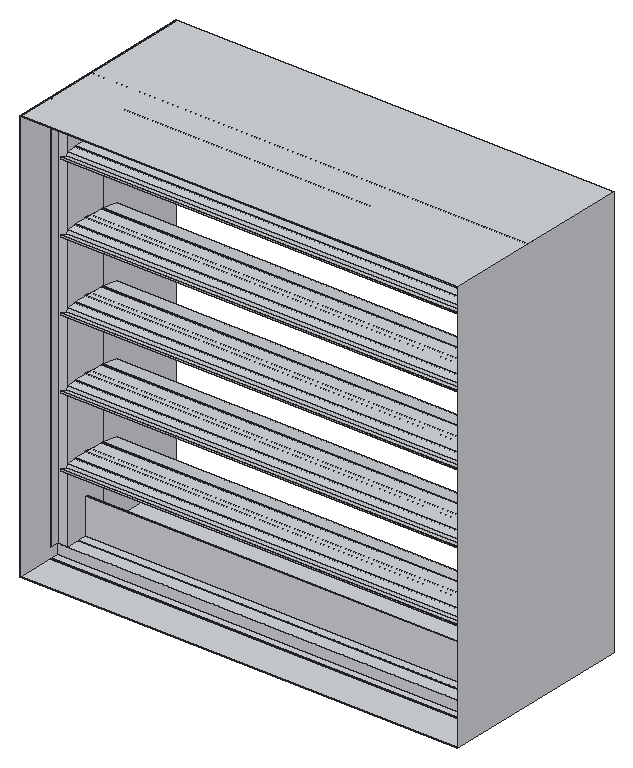
Revit family "S-AF-I, S-AF-II", category Mechanical Equipment, Revit 2015
Parameters
  URL = "http://unitedenertech.com/catalog/pdf/C-3%20%20S-AF-I.pdf"
  Type Comments = "Max. Single Section Size is (36\"w x 48\"h)"
  Model = "S-AF-I, S-AF-II"
  Manufacturer = "United Enertech Corporation"
  Keynote = "FSLF-120 Actuator Shown In the Air Stream, Consult Factory for Out of the Air Stream Placement in Models. See Website for Correct Actuator for Damper Size."
  Exact Width = 3' - 0"
  Exact Height = 2' - 10"
  Description = "Low Leakage Smoke Damper"
  Depth = 1' - 4"
  Blade Spacing = 0' - 5 3/4"
  Blade Number [instance] = rounddown((Exact Height - 0' 3") / Blade Spacing)  # 5
  BW [instance] = Exact Width - 0' 2 1/2"  # 2' - 9 1/2"
Reference planes (in)
  plane 1 "Center (Front/Back)": y = 0
  plane 2: z = 0
  plane 3 "Center (Left/Right)": x = 0
  plane 4: z = 34
  plane 5: x = -18
  plane 6: x = 18
  plane 7: z = 0.0359
  plane 8: z = 33.9641
  plane 9: x = -17.9641
  plane 10: x = 17.9641
  plane 11: y = 13
  plane 12: y = -3
  plane 13: y = 5
  plane 14: z = 0.9348
  plane 15: z = 33.0293
  plane 16: x = -17.0293
  plane 17: x = 17.0293
  plane 18: y = 4.3098
  plane 19: z = 32.5
  plane 20: z = 30.24218
  plane 21: z = 30.97045
  plane 22: z = 30.35
Forms (in)
  Extrusion 1, solid
    sketch origin (0, 0, 0) x (1, 0, 0) y (0, 0, 1)
      loop
        line (-17.9641, 33.9641) -> (-17.9641, 0.0359) -> (17.9641, 0.0359) -> (17.9641, 33.9641) -> (-17.9641, 33.9641)
      loop
        line (-18, 34) -> (-18, 0) -> (18, 0) -> (18, 34) -> (-18, 34)
    from -13 to 3
  Extrusion 2, solid
    sketch origin (23.93472, -8.11588, 0) x (1, 0, 0) y (0, 1, 0)
      loop
        line (-41.83902, 8.11588) -> (-41.83902, 8.17568) -> (-41.83902, 8.80608) -> (-40.96402, 8.80608) -> (-40.96402, 12.42568) -> (-41.83902, 12.42568) -> (-41.83902, 13.05608) -> (-41.83902, 13.11588) -> (-41.89882, 13.11588) -> (-41.89882, 12.36588) -> (-41.02382, 12.36588) -> (-41.02382, 8.86588) -> (-41.89882, 8.86588) -> (-41.89882, 8.11588) -> (-41.83902, 8.11588)
    from 0.9348 to 33.0293
  Extrusion 3, solid
    sketch origin (31.96104, -8.11588, 36.89882) x (0, 0, 1) y (0, 1, 0)
      loop
        line (-36.83902, 8.17568) -> (-36.83902, 8.80608) -> (-35.96402, 8.80608) -> (-35.96402, 12.42568) -> (-36.83902, 12.42568) -> (-36.83902, 13.05608) -> (-36.83902, 13.11588) -> (-36.89882, 13.11588) -> (-36.89882, 12.36588) -> (-36.02382, 12.36588) -> (-36.02382, 8.86588) -> (-36.89882, 8.86588) -> (-36.89882, 8.11588) -> (-36.83902, 8.11588) -> (-36.83902, 8.17568)
    from 13.99694 to 49.92514
  Extrusion 4, solid
    sketch origin (26.89178, -38.52709, 32.33205) x (0, -1, 0) y (0, 0, -1)
      loop
        line (-41.02709, -0.19725) -> (-41.02709, -0.69725) -> (-40.27709, -0.69725) -> (-40.27709, -0.61625) -> (-40.94609, -0.61625) -> (-40.94609, -0.19725) -> (-41.02709, -0.19725)
    from -43.92108 to -9.86248
  Extrusion 5, solid
    sketch origin (62.39247, 5.64851, 0.33329) x (0, 1, 0) y (0, 0, 1)
      loop
        line (-3.14851, 3.60151) -> (-3.22663, 3.60151) -> (-3.22663, 0.67964) -> (-3.89851, 0.67964) -> (-3.89851, 0.60151) -> (-3.14851, 0.60151) -> (-3.14851, 3.60151)
    from -79.42177 to -45.36317
  Extrusion 6, solid
    sketch origin (-23.93472, -8.11588, 0) x (-1, 0, 0) y (0, -1, 0)
      loop
        line (-41.83902, -8.11588) -> (-41.89882, -8.11588) -> (-41.89882, -8.86588) -> (-41.02382, -8.86588) -> (-41.02382, -12.36588) -> (-41.89882, -12.36588) -> (-41.89882, -13.11588) -> (-41.83902, -13.11588) -> (-41.83902, -13.05608) -> (-41.83902, -12.42568) -> (-40.96402, -12.42568) -> (-40.96402, -8.80608) -> (-41.83902, -8.80608) -> (-41.83902, -8.17568) -> (-41.83902, -8.11588)
    from 0.9348 to 33.0293
  Extrusion 7, solid
    sketch origin (31.96104, -8.11588, 11.06528) x (0, 0, -1) y (0, -1, 0)
      loop
        line (-22.83902, -8.17568) -> (-22.83902, -8.11588) -> (-22.89882, -8.11588) -> (-22.89882, -8.86588) -> (-22.02382, -8.86588) -> (-22.02382, -12.36588) -> (-22.89882, -12.36588) -> (-22.89882, -13.11588) -> (-22.83902, -13.11588) -> (-22.83902, -13.05608) -> (-22.83902, -12.42568) -> (-21.96402, -12.42568) -> (-21.96402, -8.80608) -> (-22.83902, -8.80608) -> (-22.83902, -8.17568)
    from 13.99694 to 49.92514
  Extrusion 8, solid
    sketch origin (0, 0, 0) x (0, 1, 0) y (0, 0, 1)
      loop
        line (7.9528, 30.24218) -> (7.6668, 30.24218)
        arc (7.6668, 30.24218) -> (7.8098, 29.71875) -> (7.9528, 30.24218) r 0.28125
    from -17.9641 to 17.9641
Dimensions and locks (in)
  "Exact Height": plane 4 to level
  equal spacing: plane 5, plane 3 "Center (Left/Right)", plane 6
  "Exact Width": plane 5 to plane 6
  locked: plane 7 to level at 0.0359
  locked: plane 4 to plane 8 at 0.0359
  locked: plane 5 to plane 9 at 0.0359
  locked: plane 10 to plane 6 at 0.0359
  locked: plane 1 "Center (Front/Back)" to plane 12 at 3
  "Depth": plane 11 to plane 12
  locked: plane 1 "Center (Front/Back)" to plane 13 at 5
  locked: plane 14 to level at 0.9348
  locked: plane 8 to plane 15 at 0.9348
  locked: plane 16 to plane 9 at 0.9348
  locked: plane 10 to plane 17 at 0.9348
  locked: plane 13 to plane 18 at 0.6902
  locked: plane 4 to plane 19 at 1.5
  locked: plane 4 to plane 20 at 3.75782
  locked: plane 4 to plane 21 at 3.02955
  locked: plane 4 to plane 22 at 3.65
  equal spacing: group 2, group 3, group 4, group 5, group 6  (x2)
  equal spacing: group 6, group 5, group 4, group 3, group 2
  "Blade Spacing": nested 6 to nested 5
  aligned and locked: level to plane 2
  aligned and locked: Extrusion 1 sketch curve to plane 4
  aligned and locked: level to Extrusion 1 sketch curve
  aligned and locked: Extrusion 1 sketch curve to plane 5
  aligned and locked: Extrusion 1 sketch curve to plane 6
  aligned and locked: Extrusion 1 sketch curve to plane 8
  aligned and locked: plane 7 to Extrusion 1 sketch curve
  aligned and locked: plane 10 to Extrusion 1 sketch curve
  aligned and locked: plane 9 to Extrusion 1 sketch curve
  aligned and locked: plane 11 to Extrusion 1
  aligned and locked: Extrusion 1 to plane 12
  aligned and locked: Extrusion 2 to plane 9
  aligned and locked: Extrusion 6 to plane 10
  aligned and locked: Extrusion 3 to plane 9
  aligned and locked: Extrusion 3 to plane 10
  aligned and locked: Extrusion 6 to plane 14
  aligned and locked: Extrusion 2 to plane 14
  aligned and locked: plane 8 to Extrusion 7
  aligned and locked: plane 15 to Extrusion 6
  aligned and locked: plane 15 to Extrusion 2
  aligned and locked: Extrusion 7 to plane 9
  aligned and locked: Extrusion 7 to plane 10
  aligned and locked: Extrusion 5 to plane 16
  aligned and locked: plane 17 to Extrusion 5
  aligned and locked: Extrusion 7 to plane 15
  aligned and locked: plane 15 to Extrusion 4
  aligned and locked: Extrusion 4 to plane 16
  aligned and locked: plane 17 to Extrusion 4
  aligned and locked: nested 2 to plane 10
  aligned and locked: plane 9 to nested 3
  aligned and locked: nested 3 to plane 18
  aligned and locked: plane 18 to nested 2
  aligned and locked: Extrusion 8 to plane 10
  aligned and locked: Extrusion 8 to plane 9
  aligned and locked: nested 3 to plane 19
  aligned and locked: plane 19 to nested 2
  aligned and locked: plane 20 to Extrusion 8
  aligned and locked: plane 17 to nested 4
  aligned and locked: plane 21 to nested 4
  aligned and locked: plane 3 "Center (Left/Right)" to nested 5
  aligned and locked: plane 22 to nested 5
Automatic sketch dimensions
  Extrusion 2 sketch curve to plane 9 = 0' - 0"  (x2)
  plane 1 "Center (Front/Back)" to Extrusion 2 sketch curve = 0' - 0"
  plane 13 to Extrusion 2 sketch curve = 0' - 0"
  plane 9 to Extrusion 2 sketch curve = 0' - 0.0598"  (x2)
  Extrusion 2 sketch curve to Extrusion 2 sketch curve = 0' - 0.8152"
  Extrusion 2 sketch curve to Extrusion 2 sketch curve = 0' - 0.0598"  (x4)
  Extrusion 2 sketch curve to plane 1 "Center (Front/Back)" = 0' - 0.0598"
  Extrusion 2 sketch curve to Extrusion 2 sketch curve = 0' - 0.6304"
  Extrusion 2 sketch curve to Extrusion 2 sketch curve = 0' - 0 3/4"
  Extrusion 3 sketch curve to level = 0' - 0"  (x2)
  Extrusion 3 sketch curve to plane 1 "Center (Front/Back)" = 0' - 0"
  Extrusion 3 sketch curve to plane 13 = 0' - 0"
  Extrusion 3 sketch curve to plane 14 = 0' - 0"
  plane 7 to Extrusion 3 sketch curve = 0' - 0.0239"  (x2)
  Extrusion 3 sketch curve to plane 14 = 0' - 0.0598"
  Extrusion 3 sketch curve to plane 1 "Center (Front/Back)" = 0' - 0.0598"
  Extrusion 3 sketch curve to Extrusion 3 sketch curve = 0' - 0.6304"
  Extrusion 3 sketch curve to Extrusion 3 sketch curve = 0' - 0.0598"  (x2)
  plane 13 to Extrusion 3 sketch curve = 0' - 0 3/4"
  plane 13 to Extrusion 3 sketch curve = 0' - 0.0598"
  Extrusion 4 sketch curve to plane 8 = 0' - 1.4348"
  plane 12 to Extrusion 4 sketch curve = 0' - 5 1/2"
  Extrusion 4 sketch curve to Extrusion 4 sketch curve = 0' - 0.081"  (x2)
  Extrusion 4 sketch curve to Extrusion 4 sketch curve = 0' - 0.669"
  Extrusion 4 sketch curve to Extrusion 4 sketch curve = 0' - 0.419"
  Extrusion 5 sketch curve to plane 14 = 0' - 0"
  plane 14 to Extrusion 5 sketch curve = 0' - 0 5/64"
  plane 12 to Extrusion 5 sketch curve = 0' - 4 3/4"
  Extrusion 5 sketch curve to Extrusion 5 sketch curve = 0' - 0 43/64"
  Extrusion 5 sketch curve to Extrusion 5 sketch curve = 0' - 0 5/64"
  Extrusion 5 sketch curve to Extrusion 5 sketch curve = 0' - 2 59/64"
  Extrusion 6 sketch curve to plane 10 = 0' - 0"  (x2)
  plane 1 "Center (Front/Back)" to Extrusion 6 sketch curve = 0' - 0"
  plane 13 to Extrusion 6 sketch curve = 0' - 0"
  Extrusion 6 sketch curve to plane 10 = 0' - 0.0598"  (x2)
  Extrusion 6 sketch curve to Extrusion 6 sketch curve = 0' - 0.8152"
  Extrusion 6 sketch curve to Extrusion 6 sketch curve = 0' - 0.0598"  (x3)
  plane 1 "Center (Front/Back)" to Extrusion 6 sketch curve = 0' - 0.0598"
  Extrusion 6 sketch curve to Extrusion 6 sketch curve = 0' - 0.6304"
  Extrusion 6 sketch curve to plane 13 = 0' - 0 3/4"
  Extrusion 6 sketch curve to plane 13 = 0' - 0.0598"
  Extrusion 7 sketch curve to plane 1 "Center (Front/Back)" = 0' - 0"
  Extrusion 7 sketch curve to plane 13 = 0' - 0"
  plane 13 to Extrusion 7 sketch curve = 0' - 0 3/4"
  Extrusion 7 sketch curve to plane 8 = 0' - 0"
  Extrusion 7 sketch curve to Extrusion 7 sketch curve = 0' - 0"
  Extrusion 7 sketch curve to Extrusion 7 sketch curve = 0' - 0.0598"  (x6)
  Extrusion 7 sketch curve to Extrusion 7 sketch curve = 0' - 0.8152"
  Extrusion 7 sketch curve to plane 1 "Center (Front/Back)" = 0' - 0 3/4"
  Extrusion 7 sketch curve to plane 1 "Center (Front/Back)" = 0' - 0.0598"
  Extrusion 8 sketch curve to plane 13 = 0' - 2.8098"
  Extrusion 8 sketch curve to Extrusion 8 sketch curve = 0' - 0.143"
  Extrusion 8 sketch curve to plane 20 = 0' - 0"
  Extrusion 8 sketch curve to plane 20 = 0' - 0 31/128"
Nested families (in)
  nested 1: "160BL" at (62.39247, -25.11688, 30.67097), type "160BL", not visible
    with Blade Width 2' - 9 1/2"
  nested 2: "Fire Smoke Actuator Bracket" at (18.23913, 4.3098, 31.56141) x (0, 0, 1) z (0, 1, 0), type "Fire Smoke Actuator Bracket"
  nested 3: "Fire Smoke Actuator Bracket" at (-18.23913, 4.3098, 31.56141) x (0, 0, 1) z (0, 1, 0), type "Fire Smoke Actuator Bracket"
  nested 4: "FSLF-120" at (14.8204, 12.99816, 22.76305), type "FSLF-120"
  nested 5: "160BL" at (0, 2.25202, 28.74365), type "160BL"
    with Blade Width 2' - 9 1/2"
  nested 6: "160BL" at (0, 2.25202, 22.99365), type "160BL"
    with Blade Width 2' - 9 1/2"
  nested 7: "160BL" at (0, 2.25202, 17.24365), type "160BL"
    with Blade Width 2' - 9 1/2"
  nested 8: "160BL" at (0, 2.25202, 11.49365), type "160BL"
    with Blade Width 2' - 9 1/2"
  nested 9: "160BL" at (0, 2.25202, 5.74365), type "160BL"
    with Blade Width 2' - 9 1/2"
Definition of nested family "160BL"
  Parameters (values of type "160BL")
    Blade Width = 2' - 0"
  Reference planes (in)
    plane 1 "Center (Front/Back)": y = 0
    plane 2: z = 0
    plane 3 "Center (Left/Right)": x = 0
    plane 4: x = -12
    plane 5: x = 12
    plane 6: x = 13
    plane 7: x = 10
    plane 8: x = -10
    plane 9: x = -13
  Forms (in)
    Extrusion 1, solid
      sketch origin (-29.66395, -41.88595, -4.51752) x (0, -1, 0) y (0, 0, -1)
        loop
          line (-42.3214, -5.69562) -> (-42.3214, -6.04405) -> (-41.94647, -6.04405) -> (-41.94647, -5.69562) -> (-42.3214, -5.69562)
      from 39.66395 to 42.66395
    Extrusion 2, solid
      sketch origin (-29.66395, -42.01854, -6.8342) x (0, -1, 0) y (0, 0, -1)
        loop
          line (-43.46599, -7.97904) -> (-43.51899, -7.97904) -> (-43.51899, -8.39235) -> (-42.90411, -8.41377) -> (-42.50696, -8.41377) -> (-42.50696, -8.36074) -> (-42.90411, -8.36074) -> (-43.46599, -8.34116) -> (-43.46599, -7.97904)
      from 17.66395 to 41.66395
    Extrusion 3, solid
      sketch origin (-29.66395, -42.01854, -6.8342) x (0, -1, 0) y (0, 0, -1)
        loop
          line (-43.41296, -8.32667) -> (-43.41296, -8.03022) -> (-42.89933, -8.01224) -> (-42.50696, -8.01224) -> (-42.50696, -8.41377) -> (-42.02598, -8.41377) -> (-42.02598, -8.0123) -> (-41.62883, -8.0123) -> (-41.11996, -8.03003) -> (-41.11996, -8.32648) -> (-41.06699, -8.32648) -> (-41.06699, -7.97904) -> (-41.63442, -7.95927) -> (-42.07906, -7.95927) -> (-42.07906, -8.36074) -> (-42.45398, -8.36074) -> (-42.45398, -7.95927) -> (-42.90119, -7.95927) -> (-43.46596, -7.97904) -> (-43.46596, -8.32667) -> (-43.41296, -8.32667)
      from 17.66395 to 41.66395
    Extrusion 4, solid
      sketch origin (-29.66395, -42.01854, -6.8342) x (0, -1, 0) y (0, 0, -1)
        loop
          line (-42.45398, -7.95927) -> (-42.45398, -8.01224) -> (-42.07906, -8.01224) -> (-42.07906, -7.95927) -> (-42.45398, -7.95927)
      from 17.66395 to 41.66395
    Extrusion 5, solid
      sketch origin (-29.66395, -42.01854, -6.8342) x (0, -1, 0) y (0, 0, -1)
        loop
          line (-41.06705, -7.97904) -> (-41.06705, -8.34116) -> (-41.62893, -8.36074) -> (-42.02598, -8.36074) -> (-42.02598, -8.41377) -> (-41.62893, -8.41377) -> (-41.01405, -8.39235) -> (-41.01405, -7.97904) -> (-41.06705, -7.97904)
      from 17.66395 to 41.66395
    Extrusion 6, solid
      sketch origin (-29.66395, -42.01854, -6.8342) x (0, -1, 0) y (0, 0, -1)
        loop
          line (-45.11444, -8.04212) -> (-45.14143, -8.06102) -> (-45.14143, -8.15472) -> (-43.65311, -8.44766) -> (-43.61881, -8.3631) -> (-43.58593, -8.44056) -> (-40.94517, -8.44056) -> (-40.91325, -8.36156) -> (-40.87962, -8.44109) -> (-40.06454, -8.37558) -> (-40.01199, -8.16476) -> (-39.44168, -8.27557) -> (-39.41851, -8.2524) -> (-40.03184, -8.13323) -> (-40.08641, -8.35172) -> (-40.86, -8.41376) -> (-40.88095, -8.33556) -> (-40.94478, -8.33556) -> (-40.96652, -8.41377) -> (-43.56615, -8.41377) -> (-43.58705, -8.33578) -> (-43.65168, -8.33578) -> (-43.67323, -8.41619) -> (-45.11444, -8.13252) -> (-45.11444, -8.04212)
      from 17.66395 to 41.66395
    Extrusion 7, solid
      sketch origin (-29.66395, 42.51351, 9.53877) x (0, 1, 0) y (0, 0, 1)
        loop
          line (-45.11444, -8.04212) -> (-45.14143, -8.06102) -> (-45.14143, -8.15472) -> (-43.65311, -8.44766) -> (-43.61881, -8.3631) -> (-43.58593, -8.44056) -> (-40.94517, -8.44056) -> (-40.91325, -8.36156) -> (-40.87962, -8.44109) -> (-40.06454, -8.37558) -> (-40.01199, -8.16476) -> (-39.44168, -8.27557) -> (-39.41851, -8.2524) -> (-40.03184, -8.13323) -> (-40.08641, -8.35172) -> (-40.86, -8.41376) -> (-40.88095, -8.33556) -> (-40.94478, -8.33556) -> (-40.96652, -8.41377) -> (-43.56615, -8.41377) -> (-43.58705, -8.33578) -> (-43.65168, -8.33578) -> (-43.67323, -8.41619) -> (-45.11444, -8.13252) -> (-45.11444, -8.04212)
      from 17.66395 to 41.66395
    Extrusion 8, solid
      sketch origin (-63.16395, -41.88595, -4.51752) x (0, -1, 0) y (0, 0, -1)
        loop
          line (-42.3214, -5.69562) -> (-42.3214, -6.04405) -> (-41.94647, -6.04405) -> (-41.94647, -5.69562) -> (-42.3214, -5.69562)
      from 50.16395 to 53.16395
  Dimensions and locks (in)
    equal spacing: plane 4, plane 3 "Center (Left/Right)", plane 5
    "Blade Width": plane 4 to plane 5
    locked: plane 7 to plane 5 at 2
    locked: plane 5 to plane 6 at 1
    locked: plane 4 to plane 8 at 2
    locked: plane 9 to plane 4 at 1
    aligned and locked: level to plane 2
    aligned and locked: plane 5 to Extrusion 6
    aligned and locked: plane 5 to Extrusion 7
    aligned and locked: plane 5 to Extrusion 5
    aligned and locked: plane 5 to Extrusion 3
    aligned and locked: plane 5 to Extrusion 2
    aligned and locked: Extrusion 1 to plane 6
    aligned and locked: plane 5 to Extrusion 4
    aligned and locked: plane 7 to Extrusion 1
    aligned and locked: Extrusion 8 to plane 9
    aligned and locked: Extrusion 8 to plane 8
    aligned and locked: plane 4 to Extrusion 6
    aligned and locked: plane 4 to Extrusion 7
    aligned and locked: plane 4 to Extrusion 2
    aligned and locked: plane 4 to Extrusion 3
    aligned and locked: plane 4 to Extrusion 5
    aligned and locked: plane 4 to Extrusion 4
  Automatic sketch dimensions
    Extrusion 1 sketch curve to plane 1 "Center (Front/Back)" = 0' - 0.43545"
    Extrusion 1 sketch curve to plane 1 "Center (Front/Back)" = 0' - 0.06052"
    level to Extrusion 1 sketch curve = 0' - 1.52654"
    Extrusion 1 sketch curve to Extrusion 1 sketch curve = 0' - 0.34843"
    Extrusion 2 sketch curve to plane 1 "Center (Front/Back)" = 0' - 1.50045"
    Extrusion 2 sketch curve to Extrusion 2 sketch curve = 0' - 0.053"
    Extrusion 2 sketch curve to Extrusion 2 sketch curve = 0' - 0.56188"
    Extrusion 2 sketch curve to Extrusion 2 sketch curve = 0' - 0"
    Extrusion 2 sketch curve to Extrusion 2 sketch curve = 0' - 0.39715"
    level to Extrusion 2 sketch curve = 0' - 1.57957"
    Extrusion 2 sketch curve to Extrusion 2 sketch curve = 0' - 0.02142"
    Extrusion 2 sketch curve to Extrusion 2 sketch curve = 0' - 0.05303"
    Extrusion 2 sketch curve to Extrusion 2 sketch curve = 0' - 0.05119"
    Extrusion 2 sketch curve to Extrusion 2 sketch curve = 0' - 0.36212"
    Extrusion 3 sketch curve to plane 1 "Center (Front/Back)" = 0' - 1.44742"
    Extrusion 3 sketch curve to Extrusion 3 sketch curve = 0' - 0.053"
    Extrusion 3 sketch curve to Extrusion 3 sketch curve = 0' - 0.51177"
    Extrusion 3 sketch curve to Extrusion 3 sketch curve = 0' - 0.00185"
    Extrusion 3 sketch curve to plane 1 "Center (Front/Back)" = 0' - 0.48842"
    Extrusion 3 sketch curve to Extrusion 3 sketch curve = 0' - 0.05297"  (x3)
    Extrusion 3 sketch curve to plane 1 "Center (Front/Back)" = 0' - 0.06052"
    Extrusion 3 sketch curve to plane 1 "Center (Front/Back)" = 0' - 0.00745"
    plane 1 "Center (Front/Back)" to Extrusion 3 sketch curve = 0' - 0.38411"
    Extrusion 3 sketch curve to Extrusion 3 sketch curve = 0' - 0.00559"
    Extrusion 3 sketch curve to Extrusion 3 sketch curve = 0' - 0.50887"
    level to Extrusion 3 sketch curve = 0' - 1.57957"
    Extrusion 3 sketch curve to Extrusion 3 sketch curve = 0' - 0.05303"  (x2)
    Extrusion 3 sketch curve to Extrusion 3 sketch curve = 0' - 0.0871"
    Extrusion 3 sketch curve to Extrusion 3 sketch curve = 0' - 0.08729"
    Extrusion 3 sketch curve to Extrusion 3 sketch curve = 0' - 0.29645"  (x2)
    Extrusion 3 sketch curve to Extrusion 3 sketch curve = 0' - 0.34843"
    Extrusion 3 sketch curve to Extrusion 3 sketch curve = 0' - 0.01798"
    Extrusion 3 sketch curve to Extrusion 3 sketch curve = 0' - 0.05099"
    Extrusion 3 sketch curve to Extrusion 3 sketch curve = 0' - 0.05118"
    Extrusion 4 sketch curve to plane 1 "Center (Front/Back)" = 0' - 0.43545"
    Extrusion 4 sketch curve to plane 1 "Center (Front/Back)" = 0' - 0.06052"
    level to Extrusion 4 sketch curve = 0' - 1.17804"
    Extrusion 4 sketch curve to Extrusion 4 sketch curve = 0' - 0.05297"
    Extrusion 5 sketch curve to plane 1 "Center (Front/Back)" = 0' - 0.00745"
    plane 1 "Center (Front/Back)" to Extrusion 5 sketch curve = 0' - 0.3896"
    Extrusion 5 sketch curve to Extrusion 5 sketch curve = 0' - 0"
    Extrusion 5 sketch curve to Extrusion 5 sketch curve = 0' - 0.56188"
    Extrusion 5 sketch curve to Extrusion 5 sketch curve = 0' - 0.053"
    level to Extrusion 5 sketch curve = 0' - 1.57957"
    Extrusion 5 sketch curve to Extrusion 5 sketch curve = 0' - 0.02142"
    Extrusion 5 sketch curve to Extrusion 5 sketch curve = 0' - 0.05303"
    Extrusion 5 sketch curve to Extrusion 5 sketch curve = 0' - 0.05119"
    Extrusion 5 sketch curve to Extrusion 5 sketch curve = 0' - 0.36212"
    level to Extrusion 6 sketch curve = 0' - 1.32052"
    Extrusion 6 sketch curve to plane 1 "Center (Front/Back)" = 0' - 3.12289"
    level to Extrusion 6 sketch curve = 0' - 1.20792"
    Extrusion 6 sketch curve to Extrusion 6 sketch curve = 0' - 0.02699"
    Extrusion 6 sketch curve to Extrusion 6 sketch curve = 0' - 1.44121"
    Extrusion 6 sketch curve to Extrusion 6 sketch curve = 0' - 0.02012"
    Extrusion 6 sketch curve to Extrusion 6 sketch curve = 0' - 0.02155"
    Extrusion 6 sketch curve to Extrusion 6 sketch curve = 0' - 0.03287"
    Extrusion 6 sketch curve to Extrusion 6 sketch curve = 0' - 0.03176"
    Extrusion 6 sketch curve to Extrusion 6 sketch curve = 0' - 0.06717"
    Extrusion 6 sketch curve to Extrusion 6 sketch curve = 0' - 0.01978"
    plane 1 "Center (Front/Back)" to Extrusion 6 sketch curve = 0' - 1.05202"
    Extrusion 6 sketch curve to Extrusion 6 sketch curve = 0' - 0.02136"
    Extrusion 6 sketch curve to Extrusion 6 sketch curve = 0' - 0.02174"
    Extrusion 6 sketch curve to Extrusion 6 sketch curve = 0' - 0.03153"  (x2)
    Extrusion 6 sketch curve to Extrusion 6 sketch curve = 0' - 0.0323"
    Extrusion 6 sketch curve to Extrusion 6 sketch curve = 0' - 0.06554"
    Extrusion 6 sketch curve to Extrusion 6 sketch curve = 0' - 0.01963"
    Extrusion 6 sketch curve to Extrusion 6 sketch curve = 0' - 0.77359"
    Extrusion 6 sketch curve to Extrusion 6 sketch curve = 0' - 0.02187"
    Extrusion 6 sketch curve to Extrusion 6 sketch curve = 0' - 0.05457"
    Extrusion 6 sketch curve to Extrusion 6 sketch curve = 0' - 0.01985"
    Extrusion 6 sketch curve to Extrusion 6 sketch curve = 0' - 0 73/128"
    Extrusion 6 sketch curve to Extrusion 6 sketch curve = 0' - 0.02317"  (x2)
    level to Extrusion 6 sketch curve = 0' - 1.33056"
    Extrusion 6 sketch curve to Extrusion 6 sketch curve = 0' - 0.08764"
    Extrusion 6 sketch curve to Extrusion 6 sketch curve = 0' - 0.1708"
    level to Extrusion 6 sketch curve = 0' - 1.50158"
    Extrusion 6 sketch curve to Extrusion 6 sketch curve = 0' - 0.18696"
    Extrusion 6 sketch curve to Extrusion 6 sketch curve = 0' - 0.02601"
    Extrusion 6 sketch curve to Extrusion 6 sketch curve = 0' - 0 7/256"  (x2)
    Extrusion 6 sketch curve to Extrusion 6 sketch curve = 0' - 0.02386"
    Extrusion 6 sketch curve to Extrusion 6 sketch curve = 0' - 0.05219"
    Extrusion 6 sketch curve to Extrusion 6 sketch curve = 0' - 0.05067"
    Extrusion 6 sketch curve to Extrusion 6 sketch curve = 0' - 0.05309"
    Extrusion 6 sketch curve to Extrusion 6 sketch curve = 0' - 0.02679"
    Extrusion 6 sketch curve to Extrusion 6 sketch curve = 0' - 0.03147"
    Extrusion 6 sketch curve to Extrusion 6 sketch curve = 0' - 0.0222"
    Extrusion 6 sketch curve to Extrusion 6 sketch curve = 0' - 0.0189"
    plane 1 "Center (Front/Back)" to Extrusion 7 sketch curve = 0' - 2.62792"
    Extrusion 7 sketch curve to Extrusion 7 sketch curve = 0' - 0.02699"
    plane 1 "Center (Front/Back)" to Extrusion 7 sketch curve = 0' - 1.15972"
    Extrusion 7 sketch curve to Extrusion 7 sketch curve = 0' - 0.02012"
    Extrusion 7 sketch curve to Extrusion 7 sketch curve = 0' - 0.02155"
    Extrusion 7 sketch curve to Extrusion 7 sketch curve = 0' - 0.03287"
    Extrusion 7 sketch curve to Extrusion 7 sketch curve = 0' - 0.03176"
    Extrusion 7 sketch curve to Extrusion 7 sketch curve = 0' - 0.06717"
    Extrusion 7 sketch curve to Extrusion 7 sketch curve = 0' - 0.01978"
    Extrusion 7 sketch curve to plane 1 "Center (Front/Back)" = 0' - 1.54699"
    Extrusion 7 sketch curve to Extrusion 7 sketch curve = 0' - 0.02136"
    Extrusion 7 sketch curve to Extrusion 7 sketch curve = 0' - 0.02174"
    Extrusion 7 sketch curve to Extrusion 7 sketch curve = 0' - 0.03153"  (x2)
    Extrusion 7 sketch curve to Extrusion 7 sketch curve = 0' - 0.0323"
    Extrusion 7 sketch curve to Extrusion 7 sketch curve = 0' - 0.06554"
    Extrusion 7 sketch curve to Extrusion 7 sketch curve = 0' - 0.01963"
    level to Extrusion 7 sketch curve = 0' - 1.18705"
    Extrusion 7 sketch curve to Extrusion 7 sketch curve = 0' - 0.77359"
    level to Extrusion 7 sketch curve = 0' - 1.16319"
    Extrusion 7 sketch curve to Extrusion 7 sketch curve = 0' - 0.02187"
    Extrusion 7 sketch curve to Extrusion 7 sketch curve = 0' - 0.05457"
    Extrusion 7 sketch curve to Extrusion 7 sketch curve = 0' - 0.01985"
    level to Extrusion 7 sketch curve = 0' - 1.2632"
    Extrusion 7 sketch curve to Extrusion 7 sketch curve = 0' - 0 73/128"
    level to Extrusion 7 sketch curve = 0' - 1.28637"
    Extrusion 7 sketch curve to Extrusion 7 sketch curve = 0' - 0.02317"
    Extrusion 7 sketch curve to Extrusion 7 sketch curve = 0' - 0.06204"
    level to Extrusion 7 sketch curve = 0' - 1 1/8"
    Extrusion 7 sketch curve to Extrusion 7 sketch curve = 0' - 0.00242"
    Extrusion 7 sketch curve to Extrusion 7 sketch curve = 0' - 0.02679"
    Extrusion 7 sketch curve to Extrusion 7 sketch curve = 0' - 0 7/256"  (x2)
    Extrusion 7 sketch curve to Extrusion 7 sketch curve = 0' - 0.03147"
    Extrusion 7 sketch curve to Extrusion 7 sketch curve = 0' - 0.05067"
    Extrusion 7 sketch curve to Extrusion 7 sketch curve = 0' - 0.05219"
    Extrusion 7 sketch curve to Extrusion 7 sketch curve = 0' - 0.02601"
    Extrusion 7 sketch curve to Extrusion 7 sketch curve = 0' - 0.18696"
    level to Extrusion 7 sketch curve = 0' - 1.38405"
    Extrusion 7 sketch curve to Extrusion 7 sketch curve = 0' - 0.0222"
    Extrusion 7 sketch curve to Extrusion 7 sketch curve = 0' - 0.07151"
    Extrusion 7 sketch curve to Extrusion 7 sketch curve = 0' - 0.0189"
    Extrusion 8 sketch curve to plane 1 "Center (Front/Back)" = 0' - 0.43545"
    Extrusion 8 sketch curve to plane 1 "Center (Front/Back)" = 0' - 0.06052"
    level to Extrusion 8 sketch curve = 0' - 1.52654"
    Extrusion 8 sketch curve to Extrusion 8 sketch curve = 0' - 0.34843"
Definition of nested family "Fire Smoke Actuator Bracket"
  Reference planes (in)
    plane 1 "Center (Front/Back)": y = 0
    plane 2: z = 0
    plane 3 "Center (Left/Right)": x = 0
  Forms (in)
    Extrusion 1, solid
      sketch origin (54.09185, -14.49387, 0) x (1, 0, 0) y (0, 1, 0)
        loop
          line (-53.15326, 14.21883) -> (-53.90326, 14.21883) -> (-53.90326, 14.00399) -> (-57.40326, 14.00399) -> (-57.40326, 14.21883) -> (-58.15326, 14.21883) -> (-58.15326, 14.18293) -> (-57.43842, 14.18293) -> (-57.43842, 13.96883) -> (-53.8681, 13.96883) -> (-53.8681, 14.18293) -> (-53.15326, 14.18293) -> (-53.15326, 14.21883)
      from 0 to 5
    Extrusion 2, void
      sketch origin (0, 0, 0) x (1, 0, 0) y (0, 0, 1)
        loop
          circle (-1.56141, 3.5) r 0.28125
      from 0 to 1.04299
  Cuts and joins
    Extrusion 2 cuts Extrusion 1
  Dimensions and locks (in)
    aligned and locked: level to plane 2
Definition of nested family "FSLF-120"
  Reference planes (in)
    plane 1 "Center (Front/Back)": y = 0
    plane 2: z = 0
    plane 3 "Center (Left/Right)": x = 0
  Forms (in)
    Extrusion 1, solid
      sketch origin (0, 0, 0) x (0, 1, 0) y (0, 0, 1)
        loop
          arc (-3.58331, 2.09938) -> (-3.44059, 2.1585) -> (-3.38147, 2.30122) r 0.20184
          line (-3.38147, 2.30122) -> (-3.38147, 7.89928)
          arc (-3.38147, 7.89928) -> (-3.44059, 8.042) -> (-3.58331, 8.10111) r 0.20184
          line (-3.58331, 8.10111) -> (-6.82752, 8.10111)
          arc (-6.82752, 8.10111) -> (-6.97024, 8.042) -> (-7.02936, 7.89928) r 0.20184
          line (-7.02936, 7.89928) -> (-7.02936, 2.30122)
          arc (-7.02936, 2.30122) -> (-6.97024, 2.1585) -> (-6.82752, 2.09938) r 0.20184
          line (-6.82752, 2.09938) -> (-3.58331, 2.09938)
        loop
          circle (-4.59401, 4.1698) r 0.10344
        loop
          circle (-5.18836, 7.24712) r 0.27109
      from 0 to 2.0647
    Extrusion 2, solid
      sketch origin (0, 0, 0) x (0, 1, 0) y (0, 0, 1)
        loop
          line (-5.07889, 1.84303) -> (-5.07889, 1.35428)
          arc (-5.07889, 1.35428) -> (-4.1161, 1.55637) -> (-3.27519, 2.06694) r 2.91799
          line (-3.27519, 2.06694) -> (-3.27519, 7.89928)
          arc (-3.27519, 7.89928) -> (-3.36543, 8.11715) -> (-3.58331, 8.2074) r 0.30812
          line (-3.58331, 8.2074) -> (-6.82752, 8.2074)
          arc (-6.82752, 8.2074) -> (-7.0454, 8.11715) -> (-7.13564, 7.89928) r 0.30812
          line (-7.13564, 7.89928) -> (-7.13564, 2.09702)
          arc (-7.13564, 2.09702) -> (-6.28174, 1.56481) -> (-5.29782, 1.35428) r 2.91799
          line (-5.29782, 1.35428) -> (-5.29782, 1.84303)
          arc (-5.29782, 1.84303) -> (-5.18836, 1.95249) -> (-5.07889, 1.84303) r 0.10947
        loop
          circle (-4.59401, 4.1698) r 0.28363
        loop
          circle (-5.18836, 7.24712) r 0.27109
      from 0 to -0.1442
    Extrusion 3, solid
      sketch origin (0, 0, 0) x (0, 1, 0) y (0, 0, 1)
        loop
          line (-5.07889, 1.84303) -> (-5.07889, 1.35428)
          arc (-5.07889, 1.35428) -> (-4.1161, 1.55637) -> (-3.27519, 2.06694) r 2.91799
          line (-3.27519, 2.06694) -> (-3.27519, 7.89928)
          arc (-3.27519, 7.89928) -> (-3.36543, 8.11715) -> (-3.58331, 8.2074) r 0.30812
          line (-3.58331, 8.2074) -> (-6.82752, 8.2074)
          arc (-6.82752, 8.2074) -> (-7.0454, 8.11715) -> (-7.13564, 7.89928) r 0.30812
          line (-7.13564, 7.89928) -> (-7.13564, 2.09702)
          arc (-7.13564, 2.09702) -> (-6.28174, 1.56481) -> (-5.29782, 1.35428) r 2.91799
          line (-5.29782, 1.35428) -> (-5.29782, 1.84303)
          arc (-5.29782, 1.84303) -> (-5.18836, 1.95249) -> (-5.07889, 1.84303) r 0.10947
        loop
          circle (-4.59401, 4.1698) r 0.28363
        loop
          circle (-5.18836, 7.24712) r 0.27109
      from 2.2089 to 2.0647
    Revolve 4, solid
      sketch origin (0.70002, 0, 0) x (0, 1, 0) y (0, 0, 1)
        loop
          line (-4.0031, 0.95098) -> (-3.92703, 0.95098) -> (-3.92703, 1.1774) -> (-3.48966, 1.1774) -> (-3.48966, 2.15927) -> (-4.0031, 2.15927) -> (-4.0031, 0.95098)
        axis (-4.0031, 0.95098) -> (-4.0031, 2.15927)
      angle from 0 to 360
    Revolve 5, solid
      sketch origin (0.70002, -10.37672, 0) x (0, -1, 0) y (0, 0, -1)
        loop
          line (-4.0031, -0.95098) -> (-4.0031, -2.15927) -> (-3.48966, -2.15927) -> (-3.48966, -1.1774) -> (-3.92703, -1.1774) -> (-3.92703, -0.95098) -> (-4.0031, -0.95098)
        axis (-4.0031, -0.95098) -> (-4.0031, -2.15927)
      angle from 0 to 360
    Extrusion 6, solid
      sketch origin (0, 0, 0) x (0, 1, 0) y (0, 0, 1)
        loop
          circle (-5.18836, 7.24712) r 0.54048
        loop
          circle (-5.18836, 7.24712) r 0.27109
      from 2.4389 to -0.3742
    Extrusion 7, solid
      sketch origin (0, 0, 0) x (0, 1, 0) y (0, 0, 1)
        loop
          line (-3.91306, 6.71864) -> (-3.7518, 6.90501) -> (-4.82025, 7.82944)
          arc (-4.82025, 7.82944) -> (-4.90724, 7.87836) -> (-5.00644, 7.88936) r 0.25
          line (-5.00644, 7.88936) -> (-5.62705, 7.83298)
          arc (-5.62705, 7.83298) -> (-5.79594, 7.74469) -> (-5.85355, 7.56303) r 0.25
          line (-5.85355, 7.56303) -> (-5.80333, 6.9664)
          arc (-5.80333, 6.9664) -> (-5.77611, 6.8722) -> (-5.71475, 6.79572) r 0.25
          line (-5.71475, 6.79572) -> (-4.62328, 5.88139) -> (-4.46502, 6.07031) -> (-5.47779, 6.9187)
          arc (-5.47779, 6.9187) -> (-5.53914, 6.99518) -> (-5.56637, 7.08938) r 0.25
          line (-5.56637, 7.08938) -> (-5.58744, 7.33975)
          arc (-5.58744, 7.33975) -> (-5.52983, 7.52141) -> (-5.36094, 7.60969) r 0.25
          line (-5.36094, 7.60969) -> (-5.08847, 7.63444)
          arc (-5.08847, 7.63444) -> (-4.98927, 7.62345) -> (-4.90228, 7.57453) r 0.25
          line (-4.90228, 7.57453) -> (-3.91306, 6.71864)
      from -0.45408 to -0.64826
    Extrusion 8, solid
      sketch origin (0, 0, 0) x (0, 1, 0) y (0, 0, 1)
        loop
          line (-4.84561, 5.92964) -> (-3.84342, 7.12404) -> (-3.96137, 7.30719) -> (-4.09731, 7.46769)
          arc (-4.09731, 7.46769) -> (-4.29911, 7.57665) -> (-4.45285, 7.74683) r 0.67563
          arc (-4.45285, 7.74683) -> (-4.52455, 7.65639) -> (-4.6158, 7.58572) r 0.47899
          line (-4.6158, 7.58572) -> (-4.72882, 7.47247)
          arc (-4.72882, 7.47247) -> (-4.85345, 6.98422) -> (-5.32567, 6.80835) r 0.54335
          line (-5.32567, 6.80835) -> (-5.42625, 6.68392)
          arc (-5.42625, 6.68392) -> (-5.48681, 6.58567) -> (-5.56911, 6.50475) r 0.47899
          arc (-5.56911, 6.50475) -> (-5.38353, 6.37) -> (-5.25372, 6.18093) r 0.67563
          line (-5.25372, 6.18093) -> (-5.03529, 5.99894) -> (-4.84561, 5.92964)
      from -0.78829 to -0.7065
    Extrusion 9, solid
      sketch origin (0, 0, 0) x (0, 1, 0) y (0, 0, 1)
        loop
          line (-4.84561, 5.92964) -> (-3.84342, 7.12404) -> (-3.87926, 7.17969) -> (-4.90878, 5.95271) -> (-4.84561, 5.92964)
      from -0.7065 to -0.1442
  Lines and regions (in)
    model lines
      curve 1: arc (0, -4.09731, 7.46769) -> (0, -4.29911, 7.57665) -> (0, -4.45285, 7.74683) r 0.67563
      curve 2: arc (0, -4.45285, 7.74683) -> (0, -4.52455, 7.65639) -> (0, -4.6158, 7.58572) r 0.47899
      curve 3: arc (0, -5.56911, 6.50475) -> (0, -5.38353, 6.37) -> (0, -5.25372, 6.18093) r 0.67563
      curve 4: arc (0, -5.42625, 6.68392) -> (0, -5.48681, 6.58567) -> (0, -5.56911, 6.50475) r 0.47899
      curve 5: arc (0, -4.72882, 7.47247) -> (0, -4.85345, 6.98422) -> (0, -5.32567, 6.80835) r 0.54335
      curve 6: arc (0, -5.08847, 7.63444) -> (0, -4.98927, 7.62345) -> (0, -4.90228, 7.57453) r 0.25
      curve 7: arc (0, -5.00644, 7.88936) -> (0, -4.90724, 7.87836) -> (0, -4.82025, 7.82944) r 0.25
      curve 8: arc (0, -5.47779, 6.9187) -> (0, -5.53914, 6.99518) -> (0, -5.56637, 7.08938) r 0.25
      curve 9: arc (0, -5.58744, 7.33975) -> (0, -5.52983, 7.52141) -> (0, -5.36094, 7.60969) r 0.25
      curve 10: line (0, -4.72882, 7.47247) -> (0, -4.6158, 7.58572)
      curve 11: line (0, -5.25372, 6.18093) -> (0, -5.03529, 5.99894)
      curve 12: line (0, -5.03529, 5.99894) -> (0, -3.96137, 7.30719)
      curve 13: line (0, -3.96137, 7.30719) -> (0, -4.09731, 7.46769)
      curve 14: line (0, -5.16521, 6.11335) -> (0, -4.05485, 7.41756)
      curve 15: line (0, -4.98938, 6.05486) -> (0, -4.84561, 5.92964)
      curve 16: line (0, -4.84561, 5.92964) -> (0, -3.84342, 7.12404)
      curve 17: line (0, -3.84342, 7.12404) -> (0, -3.9942, 7.26719)
      curve 18: line (0, -5.47779, 6.9187) -> (0, -4.46502, 6.07031)
      curve 19: line (0, -4.46502, 6.07031) -> (0, -4.62328, 5.88139)
      curve 20: line (0, -4.62328, 5.88139) -> (0, -5.71475, 6.79572)
      curve 21: line (0, -5.32567, 6.80835) -> (0, -5.42625, 6.68392)
      curve 22: line (0, -4.90228, 7.57453) -> (0, -3.91306, 6.71864)
      curve 23: line (0, -3.91306, 6.71864) -> (0, -3.7518, 6.90501)
      curve 24: line (0, -3.7518, 6.90501) -> (0, -4.82025, 7.82944)
      curve 25: line (0, -5.08847, 7.63444) -> (0, -5.36094, 7.60969)
      curve 26: line (0, -5.00644, 7.88936) -> (0, -5.62705, 7.83298)
      curve 27: line (0, -5.56637, 7.08938) -> (0, -5.58744, 7.33975)
      curve 28: line (0, -5.80333, 6.9664) -> (0, -5.85355, 7.56303)
      curve 29: arc (0, -5.71475, 6.79572) -> (0, -5.77611, 6.8722) -> (0, -5.80333, 6.9664) r 0.25
      curve 30: arc (0, -5.85355, 7.56303) -> (0, -5.79594, 7.74469) -> (0, -5.62705, 7.83298) r 0.25
      curve 31: circle (0, -4.59401, 4.1698) r 0.10344 normal (-1, 0, 0)
      curve 32: arc (0, -7.02936, 7.89928) -> (0, -6.97024, 8.042) -> (0, -6.82752, 8.10111) r 0.20184
      curve 33: arc (0, -3.58331, 8.10111) -> (0, -3.44059, 8.042) -> (0, -3.38147, 7.89928) r 0.20184
      curve 34: circle (0, -5.18836, 7.24712) r 0.27109 normal (-1, 0, 0)
      curve 35: circle (0, -5.18836, 7.24712) r 0.54048 normal (-1, 0, 0)
      curve 36: line (0, -6.82752, 8.10111) -> (0, -3.58331, 8.10111)
      curve 37: line (0, -7.02936, 7.89928) -> (0, -7.02936, 2.30122)
      curve 38: line (0, -3.38147, 2.30122) -> (0, -3.38147, 7.89928)
      curve 39: circle (0, -4.59401, 4.1698) r 0.28363 normal (-1, 0, 0)
      curve 40: arc (0, -7.13564, 7.89928) -> (0, -7.0454, 8.11715) -> (0, -6.82752, 8.2074) r 0.30812
      curve 41: arc (0, -3.58331, 8.2074) -> (0, -3.36543, 8.11715) -> (0, -3.27519, 7.89928) r 0.30812
      curve 42: line (0, -7.13564, 2.09702) -> (0, -7.13564, 7.89928)
      curve 43: line (0, -6.82752, 8.2074) -> (0, -3.58331, 8.2074)
      curve 44: line (0, -3.27519, 2.06694) -> (0, -3.27519, 7.89928)
  Dimensions and locks (in)
    aligned and locked: level to plane 2
